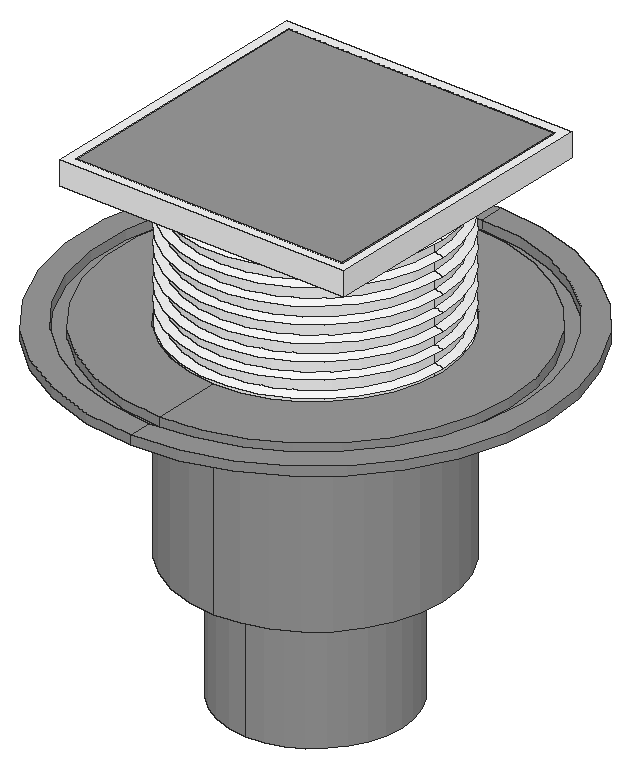
Revit family "HL_Трап для внутренних помещений_HL310NPr", category Instalační zařizovací předměty, Revit 2016
Family settings
  Typ součásti = Normální
  Kóta kulaté spojky = Použít průměr
  Číslo OmniClass = 23.70.50.21.24.14
  Nadpis OmniClass = Deck Waste Water Drains
  Založené na pracovní rovině = Ne
  Vždy vertikální = Ano
  Ořezat dutým tvarem při načtení = Ne
  Sdílené = Ano
  Bod výpočtu místnosti = Ano
Parameters (values of type "HL310NPr")
  РЕШЁТКА = "115 x 115 mm / V2A"
  РАЗМЕР = "DN50/75/110"
  ПРОПУСКНАЯ СПОСОБНОСТЬ = 0.5 L/s
  ПРОИЗВОДИТЕЛЬНОСТЬ = "0,5 l/s"
  ПРАВОВАЯ ИНФОРМАЦИЯ = "Авторские права(©), права на дизайн или какие либо другие права интелектуальной собственности являются исключительной собственностью компании HL Hutterer & Lechner. Изменению не подлежит. Файл семейства с данными о прозводителе изделия защищен паролем с водяным знаком."  # constant formula
  НОМИНАЛЬНЫЙ ДИАМЕТР [instance] = 110 mm
  НАСАДКА = "12-70 mm / 123 x 123 mm / PP"
  МАТЕРИАЛ = "PE"
  МАКСИМАЛЬНАЯ НАГРУЗКА КЛАССА = "K3 - 300 kg"
  ВЫСОТА МОНТАЖА = "156 mm"
  ВЕС = "0,75 [kg]"
  Připojení ventilace = no
  Výrobce = "HL Hutterer & Lechner GmbH"  # constant formula
  URL = "http://www.hutterer-lechner.com/ru/Products/catalog/floor-drains/attachments/HL310NPr.aspx"
  Připojení odpadu = yes
  Připojení HW = no
  Popis = "Трапы для внутренних помещений"
  Model = "HL310NPr"
  Komentáře k typům = "HL310NR Трап для внутренних помещений DN50/75/110 вертикальный, круглая насадка d 133мм/d 112мм"
  Keynote = "HL310NPr"
  Высота монтажа [instance] = 212.396 mm
  EAN = "9003076004676"
  Připojení CW = no
  DN_test [instance] = if(or(НОМИНАЛЬНЫЙ ДИАМЕТР = 50 mm, НОМИНАЛЬНЫЙ ДИАМЕТР = 75 mm, НОМИНАЛЬНЫЙ ДИАМЕТР = 110 mm), 30 mm, 0 mm)  # 30 mm
  B [instance] = if(НОМИНАЛЬНЫЙ ДИАМЕТР = 110 mm, Высота монтажа - 55 mm, Высота монтажа)  # 157.396 mm
  A [instance] = if(B - 100 mm > 15 mm, B - 100 mm, 15 mm)  # 57.396 mm
Reference planes
  plane 1 "Center (Front/Back)": y = 0
  plane 2: z = 0
  plane 3 "Center (Left/Right)": x = 0
  plane 4 "Ball Joint Vertical": x = 25.45
  plane 5: z = -212.396
  plane 6: z = -157.396
Lines and regions (mm)
  model lines, style "InvisibleLines"
    curve 1: line (0, 0, 0) -> (0, 0, 1000)
  reference lines
    curve 2: line (0, 0, 0) -> (0, 0, -157.396)
  model lines, detail levels coarse+medium
    curve 3: line (0, 0, -157.396) -> (0, 0, -100)
    curve 4: line (0, 0, -100) -> (100, 0, 0)
    curve 5: line (0, 0, -100) -> (-100, 0, 0)
  symbolic lines, style "InvisibleLines", not visible
    curve 6: line (0, 0, 0) -> (0, 0, -30)
  symbolic lines, detail levels coarse+medium
    curve 7: line (-75, 75, 0) -> (75, 75, 0)
    curve 8: line (-75, -75, 0) -> (-75, 75, 0)
    curve 9: line (75, -75, 0) -> (-75, -75, 0)
    curve 10: line (75, 75, 0) -> (75, -75, 0)
    curve 11: line (-75, 75, 0) -> (-145.711, 145.711, 0)
    curve 12: line (75, 75, 0) -> (145.711, 145.711, 0)
    curve 13: line (75, -75, 0) -> (145.711, -145.711, 0)
    curve 14: line (-75, -75, 0) -> (-145.711, -145.711, 0)
  symbolic lines, not visible, detail levels coarse+medium
    curve 15: line (72.961, 260.209, 0) -> (222.961, 260.209, 0)
    curve 16: line (72.961, 110.209, 0) -> (72.961, 260.209, 0)
    curve 17: line (222.961, 110.209, 0) -> (72.961, 110.209, 0)
    curve 18: line (222.961, 260.209, 0) -> (222.961, 110.209, 0)
    curve 19: line (72.961, 260.209, 0) -> (2.25, 330.92, 0)
    curve 20: line (222.961, 260.209, 0) -> (293.671, 330.92, 0)
    curve 21: line (222.961, 110.209, 0) -> (293.671, 39.498, 0)
    curve 22: line (72.961, 110.209, 0) -> (2.25, 39.498, 0)
Text (mm)
  text "ПОЛ" at (-198.233, 0, -26.556), in view "Drain Construction View"
Dimensions and locks
  locked: plane 4 "Ball Joint Vertical" to plane 3 "Center (Left/Right)" at 25.45
  "Высота монтажа": plane 2 to plane 5
  "A": curve 5 to plane 6
  "B": curve 5 to plane 6
  "B": curve 4 to plane 6
  "B": plane 2 to plane 6
  "DN_test": curve 6 to curve 6
  locked: curve 4 to plane 3 "Center (Left/Right)" (angle 45.00°)
  locked: plane 3 "Center (Left/Right)" to curve 5 (angle 45.00°)
  aligned and locked: level to plane 2
  aligned and locked: plane 2 to curve 1
  aligned and locked: plane 3 "Center (Left/Right)" to curve 1
  aligned and locked: plane 3 "Center (Left/Right)" to curve 2
  aligned and locked: plane 3 "Center (Left/Right)" to curve 3
  aligned and locked: plane 3 "Center (Left/Right)" to curve 5
  aligned and locked: plane 5 to nested 2
  aligned and locked: plane 2 to curve 2
  aligned and locked: plane 6 to curve 2
  aligned and locked: plane 6 to curve 3
Automatic sketch dimensions
  level to curve 1 = 1000 mm
Nested families
  nested 1: "HL_Вкладыш сифона_HL2000" at (0, 5, -6), type "HL2000_Main Component"
  nested 2: "HL_Корпус для трапа внутренних помещений_HL310NK" at (0, 0, -68), type "HL310NK_Main Component"
  nested 3: "HL_Насадка_HL037N.2E" at (0, 0, 0), type "HL037N.2E_Main Component"
    with Высота монтажа 70 mm, RN 11, RL 71.5 mm, R yes, NL_Test yes, NL 90 mm
  nested 4: "HL_Решётка_HL037Pr.1E" at (0, 0, 0), type "HL037Pr.1E_Main Component"
Connectors
  piping at (0, 0, -157.396), diameter 110, driven by "ПРОПУСКНАЯ СПОСОБНОСТЬ", driven by "НОМИНАЛЬНЫЙ ДИАМЕТР"
    settings: on curve 2, index 1, connector inside diameter 609.6 mm, connector length 0 mm, flow factor 0, pipe flow 0.5 L/s, pressure drop 0.0 Pa, fitting loss kfactor 0, connector angle 0.00°, fixture units 0, engagement length 0 mm, angle of deflection 0.00°, flow configuration 1, flow direction 2, fitting loss method 0, system type 16, joint type 0, gender type 0, connector reference index -1, connector utility 0, adjustable connector no, is connector primary yes, connector description ""
Definition of nested family "HL_Вкладыш сифона_HL2000"
  Parameters (values of type "HL2000")
    ПРАВОВАЯ ИНФОРМАЦИЯ = "Авторские права(©), права на дизайн или какие либо другие права интелектуальной собственности являются исключительной собственностью компании HL Hutterer & Lechner. Изменению не подлежит. Файл семейства с данными о прозводителе изделия защищен паролем с водяным знаком."  # constant formula
    МАТЕРИАЛ = "PP/ABS"
    ВЕС = "0,113 [kg]"
    Waste Connection = yes
    Vent Connection = no
    Manufacturer = "HL Hutterer & Lechner GmbH"  # constant formula
    URL = "http://www.hutterer-lechner.com/ru/products/catalog/floor-drains/attachments/HL2000.aspx"
    HW Connection = no
    EAN = "9003076004560"
    Description = "Трапы для внутренних помещений - Комплектующие"
    Model = "HL2000"
    Type Comments = "HL2000 Вкладыш запахозапирающий Primus"
    Keynote = "HL2000"
    CW Connection = no
  Reference planes
    plane 1 "Center (Front/Back)": y = 0
    plane 2: z = 0
    plane 3 "Center (Left/Right)": x = 0
    plane 4 "Ball Joint Vertical": x = 25.45
  Forms (mm)
    Revolve 1, solid, detail levels fine
      sketch origin (0, 0, 0) x (0, 1, 0) y (0, 0, 1)
        loop
          line (53, 0) -> (45, 0) -> (45, -68.5) -> (18, -68.5) -> (18, -15.003) -> (16, -15.003) -> (16, -70.5) -> (47, -70.5) -> (47, -21) -> (48.894, -21) -> (48.894, -14) -> (49.7, -14) -> (49.7, -2) -> (53, -2) -> (53, 0)
        axis (0, 0) -> (0, -70.5)
      angle from 0 to 360
    Extrusion 2, solid, detail levels fine
      sketch origin (0, 0, 0) x (1, 0, 0) y (0, 1, 0)
        loop
          line (-19.787, -11.726) -> (-17.395, -9.334) -> (-9.334, -17.395) -> (-11.726, -19.787)
          arc (-11.726, -19.787) -> (16.263, -16.263) -> (19.787, 11.726) r 23
          line (19.787, 11.726) -> (17.395, 9.334) -> (9.334, 17.395) -> (11.726, 19.787)
          arc (11.726, 19.787) -> (-16.263, 16.263) -> (-19.787, -11.726) r 23
      from -78 to -79.5
    Extrusion 3, solid, detail levels fine
      sketch origin (0, 0, 0) x (1, 0, 0) y (0, 1, 0)
        loop
          line (13.011, 21.072) -> (9.334, 17.395) -> (17.395, 9.334) -> (21.072, 13.011) -> (13.011, 21.072)
        loop
          line (-17.395, -9.334) -> (-21.072, -13.011) -> (-13.011, -21.072) -> (-9.334, -17.395) -> (-17.395, -9.334)
      from -68.5 to -79.5
    Revolve 4, solid, detail levels fine
      sketch origin (0, 0, 0) x (0, 1, 0) y (0, 0, 1)
        loop
          line (40, -13.503) -> (0, -13.503) -> (0, -15.003) -> (25, -15.003) -> (25, -68.5) -> (40, -68.5) -> (40, -13.503)
        axis (0, -13.503) -> (0, -68.5)
      angle from 0 to 360
    Revolve 5, solid, detail levels fine
      sketch origin (0, 0, 0) x (0, 1, 0) y (0, 0, 1)
        loop
          arc (49.7, -10.402) -> (50.661, -8.7) -> (49.7, -6.998) r 1.988
          line (49.7, -6.998) -> (49.7, -10.402)
        axis (0, -6.998) -> (0, -10.402)
      angle from 0 to 360
  Cuts and joins
    joined: Revolve 1, Extrusion 2, Extrusion 3, Revolve 4
  Text (mm)
    text "ROOF/FLOOR" at (-198.233, 0, -26.556), in view "Drain Construction View"
    text "HL_GRATE FRAME LENGTH  must be between\n\n12 and 70 mm. Use extension to prolong. " at (88.527, 0, -8.583), in view "Drain Construction View"
  Dimensions and locks
    locked: plane 4 "Ball Joint Vertical" to plane 3 "Center (Left/Right)" at 25.45
    aligned and locked: level to plane 2
Definition of nested family "HL_Корпус для трапа внутренних помещений_HL310NK"
  Parameters (values of type "HL310NK")
    РАЗМЕР = "DN50/75/110"
    ПРАВОВАЯ ИНФОРМАЦИЯ = "Авторские права(©), права на дизайн или какие либо другие права интелектуальной собственности являются исключительной собственностью компании HL Hutterer & Lechner. Изменению не подлежит. Файл семейства с данными о прозводителе изделия защищен паролем с водяным знаком."  # constant formula
    МАТЕРИАЛ = "PE"
    ВЫСОТА МОНТАЖА = "144 mm"
    ВЕС = "0,23 [kg]"
    Waste Connection = yes
    Vent Connection = no
    Manufacturer = "HL Hutterer & Lechner GmbH"  # constant formula
    URL = "http://www.hutterer-lechner.com/ru/products/catalog/floor-drains/attachments/HL310nk.aspx"
    HW Connection = no
    Description = "Трапы для внутренних помещений - Комплектующие"
    Model = "HL310NK"
    Type Comments = "HL310NK пус трапа для внутренних помещений DN50/75/110 вертикальный"
    Keynote = "HL310NK"
    EAN = "9003076008674"
    CW Connection = no
  Reference planes
    plane 1 "Center (Front/Back)": y = 0
    plane 2: z = 0
    plane 3 "Center (Left/Right)": x = 0
    plane 4 "Ball Joint Vertical": x = 25.45
  Forms (mm)
    Revolve 1, solid, detail levels fine
      sketch origin (0, 0, 0) x (0, 1, 0) y (0, 0, 1)
        loop
          line (55.35, 0) -> (55.35, -22) -> (52, -22) -> (52, -86.396) -> (20, -86.396) -> (20, -88.396) -> (22, -88.396) -> (22, -89.396) -> (22, -144.396) -> (25, -144.396) -> (25, -89.396) -> (34.5, -89.396) -> (34.5, -144.396) -> (37.5, -144.396) -> (37.5, -89.396) -> (55, -89.396) -> (55, -27) -> (58.349, -27) -> (58.349, -7.5) -> (93, -7.5) -> (93, -4) -> (100, -4) -> (100, 0) -> (90, 0) -> (90, -4) -> (84, -4) -> (84, 0) -> (55.35, 0)
        axis (0, 0) -> (0, -144.396)
      angle from 0 to 360
  Text (mm)
    text "ROOF/FLOOR" at (-198.233, 0, -26.556), in view "Drain Construction View"
  Dimensions and locks
    locked: plane 4 "Ball Joint Vertical" to plane 3 "Center (Left/Right)" at 25.45
    aligned and locked: level to plane 2
Definition of nested family "HL_Насадка_HL037N.2E"
  Parameters (values of type "HL037N.2E")
    РАЗМЕР = "d 110 mm"
    ПРАВОВАЯ ИНФОРМАЦИЯ = "Авторские права(©), права на дизайн или какие либо другие права интелектуальной собственности являются исключительной собственностью компании HL Hutterer & Lechner. Изменению не подлежит. Файл семейства с данными о прозводителе изделия защищен паролем с водяным знаком."  # constant formula
    НАСАДКА = "123x123mm"
    МАТЕРИАЛ = "PP"
    Высота монтажа [instance] = 70 mm
    ВЫСОТА МОНТАЖА = "12-70mm"
    ВЕС = "0,08 [kg]"
    Waste Connection = yes
    Vent Connection = no
    RD = 6.5 mm  # constant formula
    R [instance] = ((Высота монтажа - NL_Min) / RD - 1) > 2  # yes
    RL [instance] = if(Высота монтажа < 18 mm, 1 mm, RD * RN)  # 71.5 mm
    NL_Test [instance] = and(or(Высота монтажа < NL_Max, Высота монтажа = NL_Max), or(Высота монтажа > NL_Min, Высота монтажа = NL_Min))  # yes
    NL_Min = 12 mm
    NL_Max = 70 mm
    NL [instance] = if(NL_Test, Высота монтажа + 20 mm, 0 mm)  # 90 mm
    RN [instance] = if((Высота монтажа + 20 mm - NL_Min) / RD - 1 < 2, 2, (Высота монтажа + 20 mm - NL_Min) / RD - 1)  # 11
    Manufacturer = "HL Hutterer & Lechner GmbH"  # constant formula
    URL = "http://www.hutterer-lechner.com/ru/products/catalog/floor-drains/attachments/HL037pr.11e.aspx"
    HW Connection = no
    Description = "Трапы для внутренних помещений - Комплектующие"
    Model = "HL037N.2E"
    Type Comments = "HL037N.2E Насадные подрамники d 110мм/90мм/123х123мм с О-кольцом"
    Keynote = "HL037N.2E"
    EAN = "9003076015290"
    CW Connection = no
  Reference planes
    plane 1 "Center (Front/Back)": y = 0
    plane 2: z = 0
    plane 3 "Center (Left/Right)": x = 0
    plane 4 "Ball Joint Vertical": x = 25.45
    plane 5: z = -90
  Forms (mm)
    Extrusion 1, solid, detail levels fine
      sketch origin (0, 0, 0) x (1, 0, 0) y (0, 1, 0)
        loop
          line (-61.5, 61.5) -> (-61.5, -61.5) -> (61.5, -61.5) -> (61.5, 61.5) -> (-61.5, 61.5)
      from -10 to 0
    Extrusion 2, solid, detail levels fine
      sketch origin (0, 0, 0) x (1, 0, 0) y (0, 1, 0)
        loop
          circle (0, 0) r 51.744
      from -90 to -10
    Extrusion 3, void
      sketch origin (0, 0, 0) x (1, 0, 0) y (0, 1, 0)
        loop
          line (-57.5, 57.5) -> (-57.5, -57.5) -> (57.5, -57.5) -> (57.5, 57.5) -> (-57.5, 57.5)
      from 0 to -8
  Cuts and joins
    Extrusion 3 cuts Extrusion 1
  Lines and regions (mm)
    symbolic lines
      curve 1: line (0, 0, -90) -> (0, 0, 0)
    model lines
      curve 2: line (0, 0, 0) -> (0, 0, 100)
  Text (mm)
    text "ROOF/FLOOR" at (-198.233, 0, -26.556), in view "Drain Construction View"
  Dimensions and locks
    locked: plane 4 "Ball Joint Vertical" to plane 3 "Center (Left/Right)" at 25.45
    "NL": plane 2 to plane 5
    equal spacing: group 1, group 3, group 4, group 5, group 6, group 7, group 8, group 9, group 10, group 11, group 2  (x3)
    "RL": nested 2 to nested 1
    locked: nested 1 to plane 5 at 1.516
    aligned and locked: level to plane 2
    aligned and locked: plane 3 "Center (Left/Right)" to nested 1
    aligned and locked: plane 1 "Center (Front/Back)" to nested 1
    aligned and locked: plane 2 to curve 1
    aligned and locked: plane 5 to curve 1
    aligned and locked: Extrusion 2 to plane 5
  Automatic sketch dimensions
    Extrusion 1 sketch curve to plane 3 "Center (Left/Right)" = 61.5 mm
    plane 4 "Ball Joint Vertical" to Extrusion 1 sketch curve = 36.05 mm
    plane 1 "Center (Front/Back)" to Extrusion 1 sketch curve = 61.5 mm
    Extrusion 1 sketch curve to plane 1 "Center (Front/Back)" = 61.5 mm
    plane 1 "Center (Front/Back)" to Extrusion 2 sketch curve = 0 mm
    Extrusion 2 sketch curve to plane 3 "Center (Left/Right)" = 0 mm
    Extrusion 3 sketch curve to plane 3 "Center (Left/Right)" = 57.5 mm
    plane 4 "Ball Joint Vertical" to Extrusion 3 sketch curve = 32.05 mm
    plane 1 "Center (Front/Back)" to Extrusion 3 sketch curve = 57.5 mm
    Extrusion 3 sketch curve to plane 1 "Center (Front/Back)" = 57.5 mm
    curve 2 to plane 3 "Center (Left/Right)" = 0 mm
    level to curve 2 = 100 mm
    radius of Extrusion 2 sketch curve = 51.744 mm
  Nested families
    nested 1: "Ring" at (0, 0, -88.484), visible <- "R", type "Ring"
    nested 2: "Ring" at (0, 0, -16.984), visible <- "R", type "Ring"
    nested 3: "Ring" at (0, 0, -81.334), visible <- "R", type "Ring"
    nested 4: "Ring" at (0, 0, -74.184), visible <- "R", type "Ring"
    nested 5: "Ring" at (0, 0, -67.034), visible <- "R", type "Ring"
    nested 6: "Ring" at (0, 0, -59.884), visible <- "R", type "Ring"
    nested 7: "Ring" at (0, 0, -52.734), visible <- "R", type "Ring"
    nested 8: "Ring" at (0, 0, -45.584), visible <- "R", type "Ring"
    nested 9: "Ring" at (0, 0, -38.434), visible <- "R", type "Ring"
    nested 10: "Ring" at (0, 0, -31.284), visible <- "R", type "Ring"
    nested 11: "Ring" at (0, 0, -24.134), visible <- "R", type "Ring"
  Definition of nested family "Ring"
    Parameters (values of type "Ring")
      Manufacturer = ""
      URL = ""
      R = D / 2  # 51.5 mm
      Description = ""
      Model = ""
      Material = none
      Type Comments = ""
      D = 103 mm
      Cost = 0
    Reference planes
      plane 1 "Střed (vpředu/vzadu)": y = 0
      plane 2: z = 0
      plane 3 "Střed (vlevo/vpravo)": x = 0
    Forms (mm)
      Revolve 1, solid, material <- "Material", detail levels fine
        sketch origin (0, 0, 0) x (1, 0, 0) y (0, 0, 1)
          loop
            line (-51.5, 1.482) -> (-54.764, 0) -> (-51.5, -1.516) -> (-51.5, 1.482)
          axis (0, 1.482) -> (0, -1.516)
        angle from 0 to 360
    Dimensions and locks
      "R": Revolve 1 sketch curve to plane 3 "Střed (vlevo/vpravo)"
      aligned and locked: level to plane 2
      aligned and locked: Revolve 1 sketch curve to plane 3 "Střed (vlevo/vpravo)"
    Automatic sketch dimensions
      Revolve 1 sketch curve to level = 0 mm
      Revolve 1 sketch curve to Revolve 1 sketch curve = 3.264 mm
      Revolve 1 sketch curve to level = 1.516 mm
      level to Revolve 1 sketch curve = 1.482 mm
      Revolve 1 sketch curve to level = 381 mm
      Revolve 1 sketch curve to Revolve 1 sketch curve = 2212.833 mm
Definition of nested family "HL_Решётка_HL037Pr.1E"
  Parameters (values of type "HL037Pr.1E")
    РАЗМЕР = "115x115mm"
    ПРАВОВАЯ ИНФОРМАЦИЯ = "Авторские права(©), права на дизайн или какие либо другие права интелектуальной собственности являются исключительной собственностью компании HL Hutterer & Lechner. Изменению не подлежит. Файл семейства с данными о прозводителе изделия защищен паролем с водяным знаком."  # constant formula
    МАТЕРИАЛ = "V2A"
    МАКСИМАЛЬНАЯ НАГРУЗКА КЛАССА = "K3 - 300 kg"
    ВЕС = "0,15 [kg]"
    Waste Connection = yes
    Vent Connection = no
    Manufacturer = "HL Hutterer & Lechner GmbH"  # constant formula
    URL = "http://www.hutterer-lechner.com/ru/products/catalog/floor-drains/attachments/HL037pr.1e.aspx"
    HW Connection = no
    Description = "Трапы для внутренних помещений - Комплектующие"
    Model = "HL037Pr.1E"
    Type Comments = "HL037Pr.1E Решётка из нержавеющей стали 115х115 мм"
    Keynote = "HL037Pr.1E"
    EAN = "9003076028474"
    CW Connection = no
  Reference planes
    plane 1 "Center (Front/Back)": y = 0
    plane 2: z = 0
    plane 3 "Center (Left/Right)": x = 0
    plane 4 "Ball Joint Vertical": x = 25.45
  Forms (mm)
    Extrusion 1, solid, detail levels fine
      sketch origin (0, 0, 0) x (1, 0, 0) y (0, 1, 0)
        loop
          line (57.5, 57.5) -> (-57.5, 57.5) -> (-57.5, -57.5) -> (57.5, -57.5) -> (57.5, 57.5)
      from 0 to -5
  Lines and regions (mm)
    model lines, detail levels fine
      curve 1: spline (-13.927, 0, 0) -> (-13.452, 1.165, 0) -> (-12.061, 2.25, 0) -> (-9.848, 3.182, 0) -> (-6.964, 3.897, 0) -> (-3.605, 4.347, 0) -> (0, 4.5, 0) -> (3.605, 4.347, 0) -> (6.964, 3.897, 0) -> (9.848, 3.182, 0) -> (12.061, 2.25, 0) -> (13.452, 1.165, 0) -> (13.927, 0, 0) -> (13.452, -1.165, 0) -> (12.061, -2.25, 0) -> (9.848, -3.182, 0) -> (6.964, -3.897, 0) -> (3.605, -4.347, 0) -> (0, -4.5, 0) -> (-3.605, -4.347, 0) -> (-6.964, -3.897, 0) -> (-9.848, -3.182, 0) -> (-12.061, -2.25, 0) -> (-13.452, -1.165, 0) -> (-13.927, 0, 0)
      curve 2: line (-5.9, 0.4, 0) -> (-11.9, 0.4, 0)
      curve 3: line (-3.65, -2, 0) -> (-3.65, 2, 0)
      curve 4: arc (-3.65, 2, 0) -> (-3.15, 2.5, 0) -> (-2.65, 2, 0) r 0.5
      curve 5: line (-2.65, 2, 0) -> (-2.65, 0.5, 0)
      curve 6: line (-2.65, 0.5, 0) -> (-0.65, 0.5, 0)
      curve 7: line (-0.65, 0.5, 0) -> (-0.65, 2, 0)
      curve 8: arc (-0.65, 2, 0) -> (-0.15, 2.5, 0) -> (0.35, 2, 0) r 0.5
      curve 9: line (0.35, 2, 0) -> (0.35, -2, 0)
      curve 10: arc (0.35, -2, 0) -> (-0.15, -2.5, 0) -> (-0.65, -2, 0) r 0.5
      curve 11: line (-0.65, -2, 0) -> (-0.65, -0.5, 0)
      curve 12: line (-0.65, -0.5, 0) -> (-2.65, -0.5, 0)
      curve 13: line (-2.65, -0.5, 0) -> (-2.65, -2, 0)
      curve 14: arc (-2.65, -2, 0) -> (-3.15, -2.5, 0) -> (-3.65, -2, 0) r 0.5
      curve 15: line (1.85, -2, 0) -> (1.85, 2, 0)
      curve 16: arc (1.85, 2, 0) -> (1.996, 2.354, 0) -> (2.35, 2.5, 0) r 0.5
      curve 17: arc (2.35, 2.5, 0) -> (2.704, 2.354, 0) -> (2.85, 2, 0) r 0.5
      curve 18: line (2.85, 2, 0) -> (2.85, -1, 0)
      curve 19: arc (2.85, -1, 0) -> (2.996, -1.354, 0) -> (3.35, -1.5, 0) r 0.5
      curve 20: line (3.35, -1.5, 0) -> (4.35, -1.5, 0)
      curve 21: arc (4.35, -1.5, 0) -> (4.85, -2, 0) -> (4.35, -2.5, 0) r 0.5
      curve 22: line (4.35, -2.5, 0) -> (2.35, -2.5, 0)
      curve 23: arc (2.35, -2.5, 0) -> (1.996, -2.354, 0) -> (1.85, -2, 0) r 0.5
      curve 24: line (12.1, 0.4, 0) -> (6.1, 0.4, 0)
      curve 25: line (-5.9, -0.4, 0) -> (-11.9, -0.4, 0)
      curve 26: line (12.1, -0.4, 0) -> (6.1, -0.4, 0)
      curve 27: line (-5.9, 0.4, 0) -> (-5.9, -0.4, 0)
      curve 28: line (-11.9, 0.4, 0) -> (-11.9, -0.4, 0)
      curve 29: line (6.1, 0.4, 0) -> (6.1, -0.4, 0)
      curve 30: line (12.1, 0.4, 0) -> (12.1, -0.4, 0)
      curve 31: arc (38.029, -24.059, 0) -> (45, 0, 0) -> (38.029, 24.059, 0) r 45
      curve 32: arc (38.029, 24.059, 0) -> (35.09, 25.896, 0) -> (31.82, 24.749, 0) r 4
      curve 33: arc (31.82, 24.749, 0) -> (30.673, 22.362, 0) -> (31.268, 19.782, 0) r 4
      curve 34: arc (31.268, 19.782, 0) -> (37, 0, 0) -> (31.268, -19.782, 0) r 37
      curve 35: arc (31.268, -19.782, 0) -> (30.673, -22.362, 0) -> (31.82, -24.749, 0) r 4
      curve 36: arc (31.82, -24.749, 0) -> (35.09, -25.896, 0) -> (38.029, -24.059, 0) r 4
      curve 37: arc (24.059, 38.029, 0) -> (0, 45, 0) -> (-24.059, 38.029, 0) r 45
      curve 38: arc (-24.059, 38.029, 0) -> (-25.896, 35.09, 0) -> (-24.749, 31.82, 0) r 4
      curve 39: arc (-24.749, 31.82, 0) -> (-22.362, 30.673, 0) -> (-19.782, 31.268, 0) r 4
      curve 40: arc (-19.782, 31.268, 0) -> (0, 37, 0) -> (19.782, 31.268, 0) r 37
      curve 41: arc (19.782, 31.268, 0) -> (22.362, 30.673, 0) -> (24.749, 31.82, 0) r 4
      curve 42: arc (24.749, 31.82, 0) -> (25.896, 35.09, 0) -> (24.059, 38.029, 0) r 4
      curve 43: arc (24.059, -38.029, 0) -> (0, -45, 0) -> (-24.059, -38.029, 0) r 45
      curve 44: arc (-24.059, -38.029, 0) -> (-25.896, -35.09, 0) -> (-24.749, -31.82, 0) r 4
      curve 45: arc (-24.749, -31.82, 0) -> (-22.362, -30.673, 0) -> (-19.782, -31.268, 0) r 4
      curve 46: arc (-19.782, -31.268, 0) -> (0, -37, 0) -> (19.782, -31.268, 0) r 37
      curve 47: arc (19.782, -31.268, 0) -> (22.362, -30.673, 0) -> (24.749, -31.82, 0) r 4
      curve 48: arc (24.749, -31.82, 0) -> (25.896, -35.09, 0) -> (24.059, -38.029, 0) r 4
      curve 49: arc (-38.029, -24.059, 0) -> (-45, 0, 0) -> (-38.029, 24.059, 0) r 45
      curve 50: arc (-38.029, 24.059, 0) -> (-35.09, 25.896, 0) -> (-31.82, 24.749, 0) r 4
      curve 51: arc (-31.82, 24.749, 0) -> (-30.673, 22.362, 0) -> (-31.268, 19.782, 0) r 4
      curve 52: arc (-31.268, 19.782, 0) -> (-37, 0, 0) -> (-31.268, -19.782, 0) r 37
      curve 53: arc (-31.268, -19.782, 0) -> (-30.673, -22.362, 0) -> (-31.82, -24.749, 0) r 4
      curve 54: arc (-31.82, -24.749, 0) -> (-35.09, -25.896, 0) -> (-38.029, -24.059, 0) r 4
    model lines
      curve 55: line (0, 0, 0) -> (0, 0, 100)
  Text (mm)
    text "ROOF/FLOOR" at (-198.233, 0, -26.556), in view "Drain Construction View"
  Dimensions and locks
    locked: plane 4 "Ball Joint Vertical" to plane 3 "Center (Left/Right)" at 25.45
    aligned and locked: level to plane 2
